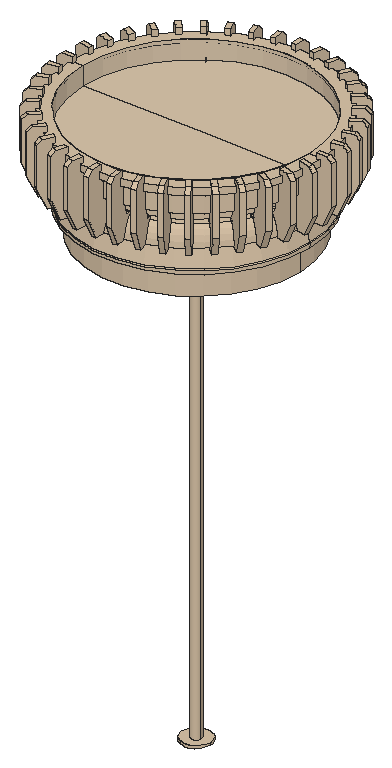
Revit family "KHL_Kemlux-Pendant", category Lighting Fixtures, host Face, Revit 2021 (continued)
Definition of nested family "KHL"
  Automatic sketch dimensions
    Extrusion 38 sketch curve to Extrusion 38 sketch curve = 0' - 0.57179"
    Extrusion 38 sketch curve to Extrusion 38 sketch curve = 0' - 0 1/4"  (x2)
    Extrusion 38 sketch curve to Extrusion 38 sketch curve = 0' - 0.39395"
    Extrusion 38 sketch curve to Extrusion 38 sketch curve = 0' - 1.02515"
    Extrusion 38 sketch curve to Extrusion 38 sketch curve = 0' - 0.67103"
    Extrusion 38 sketch curve to Extrusion 38 sketch curve = 0' - 1.93305"
    Extrusion 38 sketch curve to Extrusion 38 sketch curve = 0' - 0.08345"
    Extrusion 39 sketch curve to Extrusion 39 sketch curve = 0' - 0 7/16"
    Extrusion 39 sketch curve to Extrusion 39 sketch curve = 0' - 0.13206"
    Extrusion 39 sketch curve to Extrusion 39 sketch curve = 0' - 0.295"
    Extrusion 39 sketch curve to Extrusion 39 sketch curve = 0' - 0.38321"
    Extrusion 39 sketch curve to Extrusion 39 sketch curve = 0' - 0.43044"
    Extrusion 39 sketch curve to Extrusion 39 sketch curve = 0' - 0.57179"
    Extrusion 39 sketch curve to Extrusion 39 sketch curve = 0' - 0 1/4"  (x2)
    Extrusion 39 sketch curve to Extrusion 39 sketch curve = 0' - 0.39395"
    Extrusion 39 sketch curve to Extrusion 39 sketch curve = 0' - 1.02515"
    Extrusion 39 sketch curve to Extrusion 39 sketch curve = 0' - 0.67103"
    Extrusion 39 sketch curve to Extrusion 39 sketch curve = 0' - 1.93305"
    Extrusion 39 sketch curve to Extrusion 39 sketch curve = 0' - 0.08345"
    Extrusion 40 sketch curve to Extrusion 40 sketch curve = 0' - 0 7/16"
    Extrusion 40 sketch curve to Extrusion 40 sketch curve = 0' - 0.13206"
    Extrusion 40 sketch curve to Extrusion 40 sketch curve = 0' - 0.295"
    Extrusion 40 sketch curve to Extrusion 40 sketch curve = 0' - 0.38321"
    Extrusion 40 sketch curve to Extrusion 40 sketch curve = 0' - 0.43044"
    Extrusion 40 sketch curve to Extrusion 40 sketch curve = 0' - 0.57179"
    Extrusion 40 sketch curve to Extrusion 40 sketch curve = 0' - 0 1/4"  (x2)
    Extrusion 40 sketch curve to Extrusion 40 sketch curve = 0' - 0.39395"
    Extrusion 40 sketch curve to Extrusion 40 sketch curve = 0' - 1.02515"
    Extrusion 40 sketch curve to Extrusion 40 sketch curve = 0' - 0.67103"
    Extrusion 40 sketch curve to Extrusion 40 sketch curve = 0' - 1.93305"
    Extrusion 40 sketch curve to Extrusion 40 sketch curve = 0' - 0.08345"
    Extrusion 41 sketch curve to Extrusion 41 sketch curve = 0' - 0 7/16"
    Extrusion 41 sketch curve to Extrusion 41 sketch curve = 0' - 0.13206"
    Extrusion 41 sketch curve to Extrusion 41 sketch curve = 0' - 0.295"
    Extrusion 41 sketch curve to Extrusion 41 sketch curve = 0' - 0.38321"
    Extrusion 41 sketch curve to Extrusion 41 sketch curve = 0' - 0.43044"
    Extrusion 41 sketch curve to Extrusion 41 sketch curve = 0' - 0.57179"
    Extrusion 41 sketch curve to Extrusion 41 sketch curve = 0' - 0 1/4"  (x2)
    Extrusion 41 sketch curve to Extrusion 41 sketch curve = 0' - 0.39395"
    Extrusion 41 sketch curve to Extrusion 41 sketch curve = 0' - 1.02515"
    Extrusion 41 sketch curve to Extrusion 41 sketch curve = 0' - 0.67103"
    Extrusion 41 sketch curve to Extrusion 41 sketch curve = 0' - 1.93305"
    Extrusion 41 sketch curve to Extrusion 41 sketch curve = 0' - 0.08345"
    Extrusion 42 sketch curve to Extrusion 42 sketch curve = 0' - 0 7/16"
    Extrusion 42 sketch curve to Extrusion 42 sketch curve = 0' - 0.13206"
    Extrusion 42 sketch curve to Extrusion 42 sketch curve = 0' - 0.295"
    Extrusion 42 sketch curve to Extrusion 42 sketch curve = 0' - 0.38321"
    Extrusion 42 sketch curve to Extrusion 42 sketch curve = 0' - 0.43044"
    Extrusion 42 sketch curve to Extrusion 42 sketch curve = 0' - 0.57179"
    Extrusion 42 sketch curve to Extrusion 42 sketch curve = 0' - 0 1/4"  (x2)
    Extrusion 42 sketch curve to Extrusion 42 sketch curve = 0' - 0.39395"
    Extrusion 42 sketch curve to Extrusion 42 sketch curve = 0' - 1.02515"
    Extrusion 42 sketch curve to Extrusion 42 sketch curve = 0' - 0.67103"
    Extrusion 42 sketch curve to Extrusion 42 sketch curve = 0' - 1.93305"
    Extrusion 42 sketch curve to Extrusion 42 sketch curve = 0' - 0.08345"
    Extrusion 43 sketch curve to Extrusion 43 sketch curve = 0' - 0 7/16"
    Extrusion 43 sketch curve to Extrusion 43 sketch curve = 0' - 0.13206"
    Extrusion 43 sketch curve to Extrusion 43 sketch curve = 0' - 0.295"
    Extrusion 43 sketch curve to Extrusion 43 sketch curve = 0' - 0.38321"
    Extrusion 43 sketch curve to Extrusion 43 sketch curve = 0' - 0.43044"
    Extrusion 43 sketch curve to Extrusion 43 sketch curve = 0' - 0.57179"
    Extrusion 43 sketch curve to Extrusion 43 sketch curve = 0' - 0 1/4"  (x2)
    Extrusion 43 sketch curve to Extrusion 43 sketch curve = 0' - 0.39395"
    Extrusion 43 sketch curve to Extrusion 43 sketch curve = 0' - 1.02515"
    Extrusion 43 sketch curve to Extrusion 43 sketch curve = 0' - 0.67103"
    Extrusion 43 sketch curve to Extrusion 43 sketch curve = 0' - 1.93305"
    Extrusion 43 sketch curve to Extrusion 43 sketch curve = 0' - 0.08345"
    Revolve 2 sketch curve to plane 3 "Center (Left/Right)" = 0' - 0"  (x2)
    Revolve 2 sketch curve to plane 8 = 0' - 0 1/2"
    level to Revolve 2 sketch curve = 0' - 1 5/16"
    Revolve 2 sketch curve to plane 8 = 0' - 0.23742"
    Revolve 2 sketch curve to plane 8 = 0' - 0.39032"
    Revolve 2 sketch curve to plane 8 = 0' - 0.45302"
    Revolve 2 sketch curve to Revolve 2 sketch curve = 0' - 0.00969"
    Revolve 2 sketch curve to Revolve 2 sketch curve = 0' - 0.51192"
    plane 8 to Revolve 2 sketch curve = 0' - 0.70329"
    Revolve 2 sketch curve to Revolve 2 sketch curve = 0' - 0 1/4"
    Revolve 2 sketch curve to Revolve 2 sketch curve = 0' - 1 1/8"
    Revolve 2 sketch curve to level = 0' - 4 1/2"
    Revolve 2 sketch curve to Revolve 2 sketch curve = 0' - 0.16729"
    plane 4 to Revolve 2 sketch curve = 0' - 2 1/2"
    plane 8 to Revolve 2 sketch curve = 0' - 0"
Types (10): name | Wattage Comments | Wattage | Watt | Photometric Web File | Optics | built-in parameter 1150105 | Lumens | Lamp | built-in parameter 1150106 | built-in parameter 1150104 | Apparent Load
  (no name) | "43 Watts, 18 LEDs" | 43 W | 43 W | "KXL-18L-X-5K-5M.ies" | "Type V Square" | 345.6 (stored number, unit not read) | 4343 lm | "18 High Performanc LEDs" | 3.456 (stored number, unit not read) | 9.3832 (stored number, unit not read) | 43 VA
  KHL-18L-X-5K-5M | "43 Watts, 18 LEDs" | 43 W | 43 W | "KXL-18L-X-5K-5M.ies" | "Type V Square" | 345.6 (stored number, unit not read) | 4343 lm | "18 High Performanc LEDs" | 3.456 (stored number, unit not read) | 9.3832 (stored number, unit not read) | 43 VA
  KHL-18L-X-5K-5R | "43 Watts, 18 LEDs" | 43 W | 43 W | "KXL-18L-X-5K-5R.ies" | "Type V Rectangle" | 349.03 (stored number, unit not read) | 4386 lm | "18 High Performanc LEDs" | 3.4903 (stored number, unit not read) | 9.4761 (stored number, unit not read) | 43 VA
  KHL-18L-X-5K-N | "43 Watts, 18 LEDs" | 43 W | 43 W | "KXL-18L-X-5K-N.ies" | "Narrow" | 352.45 (stored number, unit not read) | 4429 lm | "18 High Performanc LEDs" | 3.5245 (stored number, unit not read) | 9.569 (stored number, unit not read) | 43 VA
  KHL-24L-X-5K-5M | "57 Watts, 24 LEDs" | 57 W | 57 W | "KXL-24L-X-5K-5M.ies" | "Type V Square" | 1765.2 (stored number, unit not read) | 5700 lm | "24 High Performanc LEDs" | 17.652 (stored number, unit not read) | 9.2903 (stored number, unit not read) | 57 VA
  KHL-24L-X-5K-5R | "57 Watts, 24 LEDs" | 57 W | 57 W | "KXL-24L-X-5K-5R.ies" | "Type V Rectangle" | 467.2 (stored number, unit not read) | 5871 lm | "24 High Performanc LEDs" | 4.672 (stored number, unit not read) | 9.569 (stored number, unit not read) | 57 VA
  KHL-24L-X-5K-N | "57 Watts, 24 LEDs" | 57 W | 57 W | "KXL-24L-X-5K-N.ies" | "Narrow" | 476.27 (stored number, unit not read) | 5985 lm | "24 High Performanc LEDs" | 4.7627 (stored number, unit not read) | 9.7548 (stored number, unit not read) | 57 VA
  KHL-36L-X-5K-5M | "86 Watts, 36 LEDs" | 86 W | 86 W | "KXL-36L-X-5K-5M.ies" | "Type V Square" | 677.52 (stored number, unit not read) | 8514 lm | "36 High Performanc LEDs" | 6.7752 (stored number, unit not read) | 9.1974 (stored number, unit not read) | 86 VA
  KHL-36L-X-5K-5R | "86 Watts, 36 LEDs" | 86 W | 86 W | "KXL-36L-X-5K-5R.ies" | "Type V Rectangle" | 698.05 (stored number, unit not read) | 8772 lm | "36 High Performanc LEDs" | 6.9805 (stored number, unit not read) | 9.4761 (stored number, unit not read) | 86 VA
  KHL-36L-X-5K-N | "86 Watts, 36 LEDs" | 86 W | 86 W | "KXL-36L-X-5K-N.ies" | "Type V Rectangle" | 718.58 (stored number, unit not read) | 9030 lm | "36 High Performanc LEDs" | 7.1858 (stored number, unit not read) | 9.7548 (stored number, unit not read) | 86 VA
